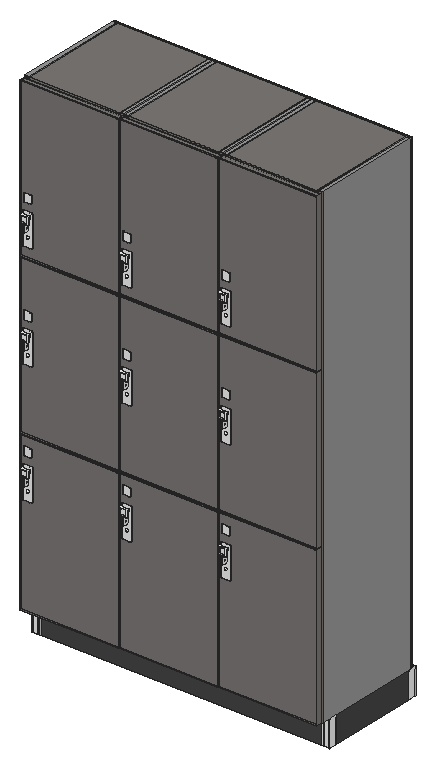
Revit family "Wood_Lockers_Hasps-Salsbury_Industries-15_43000_Series-3_Wide_Units.rfa", category Specialty Equipment, Revit 2016 (continued)
Definition of nested family "Wood Locker Sloping Corner Fillers"
  Automatic sketch dimensions
    plane 5 "Right Side of Hood" to Extrusion 5 sketch curve = 1.83977"
    plane 5 "Right Side of Hood" to Extrusion 5 sketch curve = 0.07981"
    Extrusion 5 sketch curve to Extrusion 5 sketch curve = 0.04881"
    Extrusion 5 sketch curve to Extrusion 5 sketch curve = 0.71763"
    plane 14 "Top" to Extrusion 6 sketch curve = 0.000"
    Extrusion 6 sketch curve to plane 8 = 0.000"
    Extrusion 6 sketch curve to plane 12 "New Left Side" = 0.000"
    plane 5 "Right Side of Hood" to Extrusion 6 sketch curve = 0.07981"
    Extrusion 6 sketch curve to Extrusion 6 sketch curve = 0.07981"
    plane 14 "Top" to Extrusion 6 sketch curve = 0.031"
    Extrusion 7 sketch curve to level = 0.000"
    plane 15 to Extrusion 7 sketch curve = 0.000"
    plane 5 "Right Side of Hood" to Extrusion 7 sketch curve = 0.000"
    Extrusion 7 sketch curve to plane 8 = 0.000"
    Extrusion 8 sketch curve to plane 10 "New Back of Hood" = 0.000"
    Extrusion 8 sketch curve to level = 0.000"
    Extrusion 8 sketch curve to plane 7 "Black Trim Line" = 1.80877"
    plane 14 "Top" to Extrusion 8 sketch curve = 0.74863"
Definition of nested family "Wood Locker Flat Corner Fillers"
  Parameters (values of type "44437 - for 15" D Lockers")
    Width = 16.875"
    Visible = yes
    Version = "1.0 (12/15/23)"
    Type Comments = "Flat Top Corner Filler for Premier Wood Lockers"
    Model = "44437"
    Manufacturer = "Salsbury Industries"
    Laminate Surface = none
    Height = 0.750"
    Description = "For 15\" D Lockers"
    Depth = 16.875"
  Types (6): name | Width | Visible | Version | Type Comments | Model | Manufacturer | Description | Depth
    (no name) | 16.875" | yes | "1.0 (12/15/23)" | "Flat Top Corner Filler for Premier Wood Lockers" | "44437" | "Salsbury Industries" | "For 15\" D Lockers" | 16.875"
    44437 - for 15" D Lockers | 16.875" | yes | "1.0 (12/15/23)" | "Flat Top Corner Filler for Premier Wood Lockers" | "44437" | "Salsbury Industries" | "For 15\" D Lockers" | 16.875"
    None | 15.000" | no | "" | "" | "" | "" | "" | 13.250"
    44438 - for 18" D Lockers | 19.875" | yes | "1.0 (12/15/23)" | "Flat Top Corner Filler for Premier Wood Lockers" | "44438" | "Salsbury Industries" | "For 18\" D Lockers" | 19.875"
    44431 - for 21" D Lockers | 22.875" | yes | "1.0 (12/15/23)" | "Flat Top Corner Filler for Premier Wood Lockers" | "44431" | "Salsbury Industries" | "For 21\" D Lockers" | 22.875"
    44439 - for 24" D Lockers | 25.875" | yes | "1.0 (12/15/23)" | "Flat Top Corner Filler for Premier Wood Lockers" | "44439" | "Salsbury Industries" | "For 24\" D Lockers" | 25.875"
  Reference planes (in)
    plane 1 "Center (Front/Back)": y = 0
    plane 2: z = 0
    plane 3 "Center (Left/Right)": x = 0
    plane 4 "Right Side": x = 8.4375
    plane 5 "Left Side": x = -8.4375
    plane 6 "Front Side": y = -8.4375
    plane 7 "Back Side": y = 8.4375
    plane 8 "Bottom": z = 0
    plane 9 "Top Side": z = 0.75
    plane 10 "Wood - Laminate Line": z = 0.719
    plane 11: x = -5.4375
    plane 12: y = -5.4375
  Forms (in)
    Extrusion 1, solid, visible <- "Visible"
      sketch origin (0, 0, 0) x (0, -1, 0) y (1, 0, 0)
        loop
          line (-8.4375, -8.4375) -> (5.4375, -8.4375) -> (5.4375, -5.4375) -> (8.4375, -5.4375) -> (8.4375, 8.4375) -> (-8.4375, 8.4375) -> (-8.4375, -8.4375)
      from 0 to 0.719
    Extrusion 2, solid, material <- "Laminate Surface", visible <- "Visible"
      sketch origin (0, 0, 0.75) x (1, 0, 0) y (0, 1, 0)
        loop
          line (-8.4375, -5.4375) -> (-5.4375, -5.4375) -> (-5.4375, -8.4375) -> (8.4375, -8.4375) -> (8.4375, 8.4375) -> (-8.4375, 8.4375) -> (-8.4375, -5.4375)
      from -0.031 to 0
  Dimensions and locks (in)
    equal spacing: plane 6 "Front Side", plane 1 "Center (Front/Back)", plane 7 "Back Side"
    equal spacing: plane 5 "Left Side", plane 3 "Center (Left/Right)", plane 4 "Right Side"
    "Width": plane 5 "Left Side" to plane 4 "Right Side"
    "Depth": plane 6 "Front Side" to plane 7 "Back Side"
    "Height": plane 9 "Top Side" to plane 8 "Bottom"
    locked: plane 9 "Top Side" to plane 10 "Wood - Laminate Line" at 0.031
    locked: plane 6 "Front Side" to plane 12 at 3
    locked: plane 5 "Left Side" to plane 11 at 3
    plane 12 to plane 7 "Back Side" = 13.875"
    aligned and locked: level to plane 2
  Automatic sketch dimensions
    Extrusion 2 sketch curve to plane 5 "Left Side" = 0.000"
    plane 6 "Front Side" to Extrusion 2 sketch curve = 0.000"
    Extrusion 2 sketch curve to plane 11 = 0.000"
    Extrusion 2 sketch curve to plane 4 "Right Side" = 0.000"
    Extrusion 2 sketch curve to plane 12 = 0.000"
    plane 7 "Back Side" to Extrusion 2 sketch curve = 0.000"
    Extrusion 1 sketch curve to plane 5 "Left Side" = 0.000"
    plane 7 "Back Side" to Extrusion 1 sketch curve = 0.000"
    Extrusion 1 sketch curve to plane 12 = 0.000"
    Extrusion 1 sketch curve to plane 4 "Right Side" = 0.000"
    plane 6 "Front Side" to Extrusion 1 sketch curve = 0.000"
    Extrusion 1 sketch curve to plane 11 = 0.000"
Definition of nested family "Wood Locker Side Panels-No Slope"
  Parameters (values of type "44237 - 6' H for 24"D Lockers")
    Width = 23.625"
    Visible = yes
    Version = "1.0 (12/15/23)"
    Type Comments = "Side Panel for Premier Wood Lockers without Sloping Hood"
    Model = "44237"
    Manufacturer = "Salsbury Industries"
    Laminate Surface = none
    Height = 72.000"
    Door Trim = none
    Description = "6' H for 21\" D Lockers"
    Depth = 0.750"
  Types (6): name | Width | Visible | Version | Type Comments | Model | Manufacturer | Description
    (no name) | 23.625" | yes | "1.0 (12/15/23)" | "Side Panel for Premier Wood Lockers without Sloping Hood" | "44237" | "Salsbury Industries" | "6' H for 21\" D Lockers"
    44330 - 6' H for 15"D Lockers | 14.625" | yes | "1.0 (12/15/23)" | "Side Panel for Premier Wood Lockers without Sloping Hood" | "44330" | "Salsbury Industries" | "6' H for 15\" D Lockers"
    44333 - 6' H for 18" D Lockers | 17.625" | yes | "1.0 (12/15/23)" | "Side Panel for Premier Wood Lockers withouth Sloping Hood" | "44333" | "Salsbury Industries" | "6' H for 18\" D Lockers"
    44335 - 6' H for 21" D Lockers | 20.625" | yes | "1.0 (12/15/23)" | "Side Panel for Premier Wood Lockers without Sloping Hood" | "44335" | "Salsbury Industries" | "6' H for 21\" D Lockers"
    None | 14.000" | no | "" | "" | "" | "" | ""
    44237 - 6' H for 24"D Lockers | 23.625" | yes | "1.0 (12/15/23)" | "Side Panel for Premier Wood Lockers without Sloping Hood" | "44237" | "Salsbury Industries" | "6' H for 21\" D Lockers"
  Reference planes (in)
    plane 1 "Center (Front/Back)": y = 0
    plane 2: z = 0
    plane 3 "Center (Left/Right)": x = 0
    plane 4 "Back": y = 0.375
    plane 5 "Front": y = -0.375
    plane 6 "Left Side": x = -11.8125
    plane 7 "Right Side": x = 11.8125
    plane 8 "Bottom": z = 0
    plane 9 "Top": z = 72
    plane 10 "Center Elevation": z = 36
    plane 11 "Wood - Laminate Edge": y = -0.344
    plane 12 "Right Side of Wood": x = 11.7815
    plane 13 "Left Side of Wood": x = -11.7815
    plane 14 "Top of Wood": z = 71.969
    plane 15 "Bottom of Wood": z = 0.031
  Forms (in)
    Extrusion 1, solid, visible <- "Visible"
      sketch origin (0, 0.375, 0) x (1, 0, 0) y (0, 0, 1)
        loop
          line (11.7815, 71.969) -> (-11.7815, 71.969) -> (-11.7815, 0.031) -> (11.7815, 0.031) -> (11.7815, 71.969)
      from 0 to 0.719
    Extrusion 2, solid, material <- "Laminate Surface", visible <- "Visible"
      sketch origin (0, -0.375, 0) x (1, 0, 0) y (0, 0, 1)
        loop
          line (-11.8125, 72) -> (-11.8125, 0) -> (11.8125, 0) -> (11.8125, 72) -> (-11.8125, 72)
      from -0.031 to 0
    Extrusion 3, solid, material <- "Laminate Surface", visible <- "Visible"
      sketch origin (0, 0, 0) x (1, 0, 0) y (0, 0, 1)
        loop
          line (-11.8125, 0) -> (11.8125, 0) -> (11.8125, 72) -> (-11.8125, 72) -> (-11.8125, 0)
        loop
          line (-11.7815, 0.031) -> (11.7815, 0.031) -> (11.7815, 71.969) -> (-11.7815, 71.969) -> (-11.7815, 0.031)
      from -0.375 to 0.344
  Dimensions and locks (in)
    equal spacing: plane 6 "Left Side", plane 3 "Center (Left/Right)", plane 7 "Right Side"
    plane 5 "Front" to plane 1 "Center (Front/Back)" to plane 4 "Back" = 0.375", 0.375"
    "Width": plane 6 "Left Side" to plane 7 "Right Side"
    "Depth": plane 5 "Front" to plane 4 "Back"
    equal spacing: plane 9 "Top", plane 10 "Center Elevation", plane 8 "Bottom"
    "Height": plane 9 "Top" to plane 8 "Bottom"
    locked: plane 5 "Front" to plane 11 "Wood - Laminate Edge" at 0.031
    locked: plane 15 "Bottom of Wood" to plane 8 "Bottom" at 0.031
    locked: plane 12 "Right Side of Wood" to plane 7 "Right Side" at 0.031
    locked: plane 6 "Left Side" to plane 13 "Left Side of Wood" at 0.031
    locked: plane 9 "Top" to plane 14 "Top of Wood" at 0.031
    aligned and locked: level to plane 2
    aligned and locked: Extrusion 2 sketch curve to plane 7 "Right Side"
    aligned and locked: plane 8 "Bottom" to Extrusion 2 sketch curve
    aligned and locked: plane 6 "Left Side" to Extrusion 2 sketch curve
    aligned and locked: plane 9 "Top" to Extrusion 2 sketch curve
    aligned and locked: Extrusion 3 to plane 4 "Back"
    aligned and locked: plane 11 "Wood - Laminate Edge" to Extrusion 3
  Automatic sketch dimensions
    plane 13 "Left Side of Wood" to Extrusion 1 sketch curve = 0.000"
    plane 12 "Right Side of Wood" to Extrusion 1 sketch curve = 0.000"
    Extrusion 1 sketch curve to plane 15 "Bottom of Wood" = 0.000"
    Extrusion 1 sketch curve to plane 14 "Top of Wood" = 0.000"
    plane 13 "Left Side of Wood" to Extrusion 3 sketch curve = 0.000"
    Extrusion 3 sketch curve to level = 0.000"
    plane 13 "Left Side of Wood" to Extrusion 3 sketch curve = 0.031"
    plane 12 "Right Side of Wood" to Extrusion 3 sketch curve = 0.000"
    plane 7 "Right Side" to Extrusion 3 sketch curve = 0.000"
    Extrusion 3 sketch curve to plane 15 "Bottom of Wood" = 0.000"
    Extrusion 3 sketch curve to plane 14 "Top of Wood" = 0.000"
    Extrusion 3 sketch curve to plane 9 "Top" = 0.000"
Definition of nested family "Wood Locker Side Panels-With Slope"
  Parameters (values of type "44238 - 6' H for 24" D Lockers")
    Width = 23.625"
    Visible = yes
    Version = "1.0 (12/15/23)"
    Type Comments = "Side Panel for Premier Wood Lockers with Sloping Hood"
    Slope Height = 8.608"
    Model = "44238"
    Manufacturer = "Salsbury Industries"
    Laminate Surface = none
    Height = 72.153"
    Door Trim = none
    Description = "6' H for 24\" D Lockers"
    Depth = 0.750"
  Types (6): name | Width | Visible | Version | Type Comments | Slope Height | Model | Manufacturer | Height | Description
    (no name) | 23.625" | yes | "1.0 (12/15/23)" | "Side Panel for Premier Wood Lockers with Sloping Hood" | 8.608" | "44238" | "Salsbury Industries" | 72.153" | "6' H for 24\" D Lockers"
    44334 - 6' H  for 18" D Lockers | 17.625" | yes | "1.0 (12/15/23)" | "Side Panel for Premier Wood Lockers with Sloping Hood" | 6.806" | "44334" | "Salsbury Industries" | 72.062" | "6' H for 18\" D Lockers"
    44336 - 6' H for 21" D Lockers | 20.625" | yes | "1.0 (12/15/23)" | "Side Panel for Premier Wood Lockers with Sloping Hood" | 7.931" | "44336" | "Salsbury Industries" | 72.062" | "6' H for 21\" D Lockers"
    None | 14.625" | no | "" | "" | 5.681" | "" | "" | 72.062" | ""
    44339 - 6' H for 15" D Lockers | 14.625" | yes | "1.0 (12/15/23)" | "Side Panel for Premier Wood Lockers with Sloping Hood" | 5.681" | "44339" | "Salsbury Industries" | 72.062" | "6' H for 15\" D Lockers"
    44238 - 6' H for 24" D Lockers | 23.625" | yes | "1.0 (12/15/23)" | "Side Panel for Premier Wood Lockers with Sloping Hood" | 8.608" | "44238" | "Salsbury Industries" | 72.153" | "6' H for 24\" D Lockers"
  Reference planes (in)
    plane 1 "Center (Front/Back)": y = 0
    plane 2: z = 0
    plane 3 "Center (Left/Right)": x = 0
    plane 4 "Back": y = 0.375
    plane 5 "Front": y = -0.375
    plane 6 "Left Side": x = -11.8125
    plane 7 "Right Side": x = 11.8125
    plane 8 "Bottom": z = 0
    plane 9 "Top": z = 72.153
    plane 10 "Center Elevation": z = 36.0765
    plane 11 "Wood - Laminate Edge": y = -0.344
    plane 12 "Right Side of Wood": x = 11.7815
    plane 13 "Left Side of Wood": x = -11.7815
    plane 14 "Top of Wood": z = 72.028
    plane 15 "Bottom of Wood": z = 0.031
    plane 16: z = 80.761
    plane 17: z = 80.636
  Forms (in)
    Extrusion 1, solid, visible <- "Visible"
      sketch origin (0, 0.375, 0) x (1, 0, 0) y (0, 0, 1)
        loop
          line (-11.8125, 80.73) -> (-11.8125, 0) -> (11.7815, 0) -> (11.7815, 72.13387) -> (-11.8125, 80.73)
      from 0 to 0.719
    Extrusion 2, solid, material <- "Laminate Surface", visible <- "Visible"
      sketch origin (0, -0.375, 0) x (1, 0, 0) y (0, 0, 1)
        loop
          line (-11.8125, 0) -> (11.8125, 0) -> (11.8125, 72.153) -> (-11.8125, 80.761) -> (-11.8125, 0)
      from -0.031 to 0
    Extrusion 3, solid, material <- "Laminate Surface", visible <- "Visible"
      sketch origin (0, -0.375, 0) x (1, 0, 0) y (0, 0, 1)
        loop
          line (11.8125, 0) -> (11.8125, 72.153) -> (-11.8125, 80.761) -> (-11.8125, 80.73) -> (11.7815, 72.13387) -> (11.7815, 0) -> (11.8125, 0)
      from -0.031 to -0.75
  Dimensions and locks (in)
    equal spacing: plane 6 "Left Side", plane 3 "Center (Left/Right)", plane 7 "Right Side"
    plane 5 "Front" to plane 1 "Center (Front/Back)" to plane 4 "Back" = 0.375", 0.375"
    "Width": plane 6 "Left Side" to plane 7 "Right Side"
    "Depth": plane 5 "Front" to plane 4 "Back"
    equal spacing: plane 9 "Top", plane 10 "Center Elevation", plane 8 "Bottom"
    "Height": plane 9 "Top" to plane 8 "Bottom"
    locked: plane 5 "Front" to plane 11 "Wood - Laminate Edge" at 0.031
    locked: plane 15 "Bottom of Wood" to plane 8 "Bottom" at 0.031
    locked: plane 12 "Right Side of Wood" to plane 7 "Right Side" at 0.031
    locked: plane 6 "Left Side" to plane 13 "Left Side of Wood" at 0.031
    locked: plane 9 "Top" to plane 14 "Top of Wood" at 0.125
    "Slope Height": plane 16 to plane 9 "Top"
    locked: plane 16 to plane 17 at 0.125
    aligned and locked: level to plane 2
    aligned and locked: Extrusion 3 to plane 4 "Back"
    aligned and locked: plane 11 "Wood - Laminate Edge" to Extrusion 3
  Automatic sketch dimensions
    plane 6 "Left Side" to Extrusion 2 sketch curve = 0.000"
    plane 7 "Right Side" to Extrusion 2 sketch curve = 0.000"
    Extrusion 2 sketch curve to level = 0.000"
    Extrusion 2 sketch curve to plane 9 "Top" = 0.000"
    Extrusion 2 sketch curve to plane 16 = 0.000"
    Extrusion 1 sketch curve to level = 0.000"
    plane 6 "Left Side" to Extrusion 1 sketch curve = 0.000"
    plane 12 "Right Side of Wood" to Extrusion 1 sketch curve = 0.000"
    plane 9 "Top" to Extrusion 1 sketch curve = 0.01913"
    plane 6 "Left Side" to Extrusion 3 sketch curve = 0.000"
    plane 12 "Right Side of Wood" to Extrusion 3 sketch curve = 0.000"
    plane 7 "Right Side" to Extrusion 3 sketch curve = 0.000"
    Extrusion 3 sketch curve to level = 0.000"
    Extrusion 3 sketch curve to plane 9 "Top" = 0.000"
    Extrusion 3 sketch curve to plane 16 = 0.000"
    plane 9 "Top" to Extrusion 3 sketch curve = 0.01913"
    plane 16 to Extrusion 3 sketch curve = 0.031"
    plane 16 to Extrusion 1 sketch curve = 0.031"
Definition of nested family "Wood Locker Double Side Panels-No Slope"
  Parameters (values of type "44237DE - 6' H for 24"D Lockers")
    Width = 47.250"
    Visible = yes
    Version = "1.0 (12/15/23)"
    Type Comments = "Double End Panel for Premier Wood Lockers"
    Model = "44237DE"
    Manufacturer = "Salsbury Industries"
    Laminate Surface = none
    Height = 72.000"
    Door Trim = none
    Description = "For 6' H x 21\" D without Sloping Hood"
    Depth = 0.750"
  Types (6): name | Width | Visible | Version | Type Comments | Model | Manufacturer | Description
    (no name) | 47.250" | yes | "1.0 (12/15/23)" | "Double End Panel for Premier Wood Lockers" | "44237DE" | "Salsbury Industries" | "For 6' H x 21\" D without Sloping Hood"
    44330DE - 6' H for 15"D Lockers | 29.250" | yes | "1.0 (12/15/23)" | "Double End Panel for Premier Wood Lockers" | "44330DE" | "Salsbury Industries" | "For 6' H x 15\" D without Sloping Hood"
    44333DE - 6' H for 18" D Lockers | 35.250" | yes | "1.0 (12/15/23)" | "Double End Panel for Premier Wood Lockers" | "44333DE" | "Salsbury Industries" | "For 6' H x 18\" D without Sloping Hood"
    44335DE - 6' H for 21" D Lockers | 41.250" | yes | "1.0 (12/15/23)" | "Double End Panel for Premier Wood Lockers" | "44335DE" | "Salsbury Industries" | "For 6' H x 21\" D without Sloping Hood"
    None | 14.000" | no | "" | "" | "" | "" | ""
    44237DE - 6' H for 24"D Lockers | 47.250" | yes | "1.0 (12/15/23)" | "Double End Panel for Premier Wood Lockers" | "44237DE" | "Salsbury Industries" | "For 6' H x 21\" D without Sloping Hood"
  Reference planes (in)
    plane 1 "Center (Front/Back)": y = 0
    plane 2: z = 0
    plane 3 "Center (Left/Right)": x = 0
    plane 4 "Back": y = 0.375
    plane 5 "Front": y = -0.375
    plane 6 "Left Side": x = -23.625
    plane 7 "Right Side": x = 23.625
    plane 8 "Bottom": z = 0
    plane 9 "Top": z = 72
    plane 10 "Center Elevation": z = 36
    plane 11 "Wood - Laminate Edge": y = -0.344
    plane 12 "Right Side of Wood": x = 23.594
    plane 13 "Left Side of Wood": x = -23.594
    plane 14 "Top of Wood": z = 71.969
    plane 15 "Bottom of Wood": z = 0.031
  Forms (in)
    Extrusion 1, solid, visible <- "Visible"
      sketch origin (0, 0.375, 0) x (1, 0, 0) y (0, 0, 1)
        loop
          line (23.594, 71.969) -> (-23.594, 71.969) -> (-23.594, 0.031) -> (23.594, 0.031) -> (23.594, 71.969)
      from 0 to 0.719
    Extrusion 2, solid, material <- "Laminate Surface", visible <- "Visible"
      sketch origin (0, -0.375, 0) x (1, 0, 0) y (0, 0, 1)
        loop
          line (-23.625, 72) -> (-23.625, 0) -> (23.625, 0) -> (23.625, 72) -> (-23.625, 72)
      from -0.031 to 0
    Extrusion 3, solid, material <- "Laminate Surface", visible <- "Visible"
      sketch origin (0, 0, 0) x (1, 0, 0) y (0, 0, 1)
        loop
          line (-23.625, 0) -> (23.625, 0) -> (23.625, 72) -> (-23.625, 72) -> (-23.625, 0)
        loop
          line (23.594, 71.969) -> (-23.594, 71.969) -> (-23.594, 0.031) -> (23.594, 0.031) -> (23.594, 71.969)
      from -0.375 to 0.344
  Dimensions and locks (in)
    equal spacing: plane 6 "Left Side", plane 3 "Center (Left/Right)", plane 7 "Right Side"
    plane 5 "Front" to plane 1 "Center (Front/Back)" to plane 4 "Back" = 0.375", 0.375"
    "Width": plane 6 "Left Side" to plane 7 "Right Side"
    "Depth": plane 5 "Front" to plane 4 "Back"
    equal spacing: plane 9 "Top", plane 10 "Center Elevation", plane 8 "Bottom"
    "Height": plane 9 "Top" to plane 8 "Bottom"
    locked: plane 5 "Front" to plane 11 "Wood - Laminate Edge" at 0.031
    locked: plane 15 "Bottom of Wood" to plane 8 "Bottom" at 0.031
    plane 12 "Right Side of Wood" to plane 7 "Right Side" = 0.031"
    locked: plane 6 "Left Side" to plane 13 "Left Side of Wood" at 0.031
    locked: plane 9 "Top" to plane 14 "Top of Wood" at 0.031
    aligned and locked: level to plane 2
    aligned and locked: Extrusion 2 sketch curve to plane 8 "Bottom"
    aligned and locked: plane 6 "Left Side" to Extrusion 2 sketch curve
    aligned and locked: Extrusion 2 sketch curve to plane 7 "Right Side"
    aligned and locked: Extrusion 2 sketch curve to plane 9 "Top"
    aligned and locked: Extrusion 3 to plane 4 "Back"
    aligned and locked: plane 11 "Wood - Laminate Edge" to Extrusion 3
  Automatic sketch dimensions
    plane 13 "Left Side of Wood" to Extrusion 1 sketch curve = 0.000"
    plane 12 "Right Side of Wood" to Extrusion 1 sketch curve = 0.000"
    Extrusion 1 sketch curve to plane 15 "Bottom of Wood" = 0.000"
    Extrusion 1 sketch curve to plane 14 "Top of Wood" = 0.000"
    Extrusion 3 sketch curve to level = 0.000"
    plane 6 "Left Side" to Extrusion 3 sketch curve = 0.000"
    plane 7 "Right Side" to Extrusion 3 sketch curve = 0.000"
    Extrusion 3 sketch curve to plane 9 "Top" = 0.000"
    plane 13 "Left Side of Wood" to Extrusion 3 sketch curve = 0.000"
    Extrusion 3 sketch curve to plane 15 "Bottom of Wood" = 0.000"
    Extrusion 3 sketch curve to plane 14 "Top of Wood" = 0.000"
    plane 12 "Right Side of Wood" to Extrusion 3 sketch curve = 0.000"
Definition of nested family "Wood Locker Double Side Panels-With Slope"
  Parameters (values of type "44238DE - 6' H for 24"D Lockers")
    Width = 47.250"
    Visible = yes
    Version = "1.0 (12/15/23)"
    Type Comments = "Double End Panel for Premier Wood Lockers"
    Slope Height = 8.895"
    Model = "442386DE"
    Manufacturer = "Salsbury Industries"
    Laminate Surface = none
    Height = 72.153"
    Door Trim = none
    Description = "For 6' H x 21\" D Lockers with Sloping Hood"
    Depth = 0.750"
  Types (6): name | Width | Visible | Version | Type Comments | Slope Height | Model | Manufacturer | Height | Description
    (no name) | 47.250" | yes | "1.0 (12/15/23)" | "Double End Panel for Premier Wood Lockers" | 8.895" | "442386DE" | "Salsbury Industries" | 72.153" | "For 6' H x 21\" D Lockers with Sloping Hood"
    44339DE - 6' H for 15"D Lockers | 29.250" | yes | "1.0 (12/15/23)" | "Double End Panel for Premier Wood Lockers" | 5.681" | "44339DE" | "Salsbury Industries" | 72.062" | "For 6' H x 15\" D Lockers with Sloping Hood"
    44334DE - 6' H  for 18" D Lockers | 35.250" | yes | "1.0 (12/15/23)" | "Double End Panel for Premier Wood Lockers" | 6.806" | "44334DE" | "Salsbury Industries" | 72.062" | "For 6' H x 18\" D Lockers with Sloping Hood"
    44336DE - 6' H for 21" D Lockers | 41.250" | yes | "1.0 (12/15/23)" | "Double End Panel for Premier Wood Lockers" | 7.931" | "44336DE" | "Salsbury Industries" | 72.062" | "For 6' H x 21\" D Lockers with Sloping Hood"
    None | 14.000" | no | "" | "" | 5.500" | "" | "" | 72.000" | ""
    44238DE - 6' H for 24"D Lockers | 47.250" | yes | "1.0 (12/15/23)" | "Double End Panel for Premier Wood Lockers" | 8.895" | "442386DE" | "Salsbury Industries" | 72.153" | "For 6' H x 21\" D Lockers with Sloping Hood"
  Reference planes (in)
    plane 1 "Center (Front/Back)": y = 0
    plane 2: z = 0
    plane 3 "Center (Left/Right)": x = 0
    plane 4 "Back": y = 0.375
    plane 5 "Front": y = -0.375
    plane 6 "Left Side": x = -23.625
    plane 7 "Right Side": x = 23.625
    plane 8 "Bottom": z = 0
    plane 9 "Top": z = 72.153
    plane 10 "Center Elevation": z = 36.0765
    plane 11 "Wood - Laminate Edge": y = -0.344
    plane 12 "Right Side of Wood": x = 23.594
    plane 13 "Left Side of Wood": x = -23.594
    plane 14 "Top of Wood": z = 72.028
    plane 15 "Bottom of Wood": z = 0.125
    plane 16: z = 81.048
    plane 17: z = 81.017
  Forms (in)
    Extrusion 1, solid, visible <- "Visible"
      sketch origin (0, 0.375, 0) x (1, 0, 0) y (0, 0, 1)
        loop
          line (23.594, 72.122) -> (0, 81.017) -> (-23.594, 72.122) -> (-23.594, 0) -> (23.594, 0) -> (23.594, 72.122)
      from 0 to 0.719
    Extrusion 2, solid, material <- "Laminate Surface", visible <- "Visible"
      sketch origin (0, -0.375, 0) x (1, 0, 0) y (0, 0, 1)
        loop
          line (23.625, 0) -> (23.625, 72.153) -> (0, 81.048) -> (-23.625, 72.153) -> (-23.625, 0) -> (23.625, 0)
      from -0.031 to 0
    Extrusion 3, solid, material <- "Laminate Surface", visible <- "Visible"
      sketch origin (0, 0.375, 0) x (1, 0, 0) y (0, 0, 1)
        loop
          line (23.625, 0) -> (23.625, 72.153) -> (0, 81.048) -> (-23.625, 72.153) -> (-23.625, 0) -> (-23.594, 0) -> (-23.594, 72.122) -> (0, 81.017) -> (23.594, 72.122) -> (23.594, 0) -> (23.625, 0)
      from 0 to 0.719
  Dimensions and locks (in)
    equal spacing: plane 6 "Left Side", plane 3 "Center (Left/Right)", plane 7 "Right Side"
    plane 5 "Front" to plane 1 "Center (Front/Back)" to plane 4 "Back" = 0.375", 0.375"
    "Width": plane 6 "Left Side" to plane 7 "Right Side"
    "Depth": plane 5 "Front" to plane 4 "Back"
    equal spacing: plane 9 "Top", plane 10 "Center Elevation", plane 8 "Bottom"
    "Height": plane 9 "Top" to plane 8 "Bottom"
    locked: plane 5 "Front" to plane 11 "Wood - Laminate Edge" at 0.031
    locked: plane 15 "Bottom of Wood" to plane 8 "Bottom" at 0.125
    locked: plane 12 "Right Side of Wood" to plane 7 "Right Side" at 0.031
    locked: plane 6 "Left Side" to plane 13 "Left Side of Wood" at 0.031
    locked: plane 9 "Top" to plane 14 "Top of Wood" at 0.125
    "Slope Height": plane 16 to plane 9 "Top"
    locked: plane 16 to plane 17 at 0.031
    aligned and locked: level to plane 2
    aligned and locked: Extrusion 3 to plane 4 "Back"
    aligned and locked: plane 11 "Wood - Laminate Edge" to Extrusion 3
  Automatic sketch dimensions
    plane 6 "Left Side" to Extrusion 2 sketch curve = 0.000"
    Extrusion 2 sketch curve to plane 3 "Center (Left/Right)" = 0.000"
    plane 7 "Right Side" to Extrusion 2 sketch curve = 0.000"
    Extrusion 2 sketch curve to level = 0.000"
    Extrusion 2 sketch curve to plane 9 "Top" = 0.000"  (x2)
    Extrusion 2 sketch curve to plane 16 = 0.000"
    Extrusion 1 sketch curve to level = 0.000"
    plane 13 "Left Side of Wood" to Extrusion 1 sketch curve = 0.000"
    Extrusion 1 sketch curve to plane 3 "Center (Left/Right)" = 0.000"
    plane 12 "Right Side of Wood" to Extrusion 1 sketch curve = 0.000"
    Extrusion 1 sketch curve to plane 17 = 0.000"
    plane 9 "Top" to Extrusion 1 sketch curve = 0.031"  (x2)
    Extrusion 3 sketch curve to level = 0.000"  (x2)
    plane 6 "Left Side" to Extrusion 3 sketch curve = 0.000"
    plane 13 "Left Side of Wood" to Extrusion 3 sketch curve = 0.000"
    Extrusion 3 sketch curve to plane 3 "Center (Left/Right)" = 0.000"  (x2)
    plane 12 "Right Side of Wood" to Extrusion 3 sketch curve = 0.000"
    plane 7 "Right Side" to Extrusion 3 sketch curve = 0.000"
    Extrusion 3 sketch curve to plane 9 "Top" = 0.000"  (x2)
    plane 9 "Top" to Extrusion 3 sketch curve = 0.031"  (x2)
    Extrusion 3 sketch curve to plane 17 = 0.000"
    Extrusion 3 sketch curve to plane 16 = 0.000"
Definition of nested family "Wood Locker Front Fillers"
  Parameters (values of type "44469 - 9" W for 6' H Lockers without Base")
    Width = 9.000"
    Visible Base = no
    Visible = yes
    Version = "1.0 (1/31/24)"
    Type Comments = "Front Vertical Filler for Premier Wood Lockers"
    Model = "44469"
    Manufacturer = "Salsbury Industries"
    Laminate Surface = none
    Height = 72.000"
    Description = "For 6' H Lockers"
    Depth = 0.750"
    Base Height = 0.000"
  Types (6): name | Width | Visible Base | Visible | Version | Type Comments | Model | Manufacturer | Description | Base Height
    (no name) | 9.000" | no | yes | "1.0 (1/31/24)" | "Front Vertical Filler for Premier Wood Lockers" | "44469" | "Salsbury Industries" | "For 6' H Lockers" | 0.000"
    44467 - 15"W for 6' H Lockers with Base | 15.000" | yes | yes | "1.0 (01/31/24)" | "Front Vertical Filler for Premier Wood Lockers" | "444367" | "Salsbury Industries" | "For 6' H Lockers" | 4.000"
    None | 15.000" | no | no | "" | "" | "" | "" | "" | 4.000"
    44469 - 9" W for 6' H Lockers with Base | 9.000" | yes | yes | "1.0 (01/31/24)" | "Front Vertical Filler for Premier Wood Lockers" | "44469" | "Salsbury Industries" | "For 6' H Lockers" | 4.000"
    44467 - 15" W for 6'H Lockers without Base | 15.000" | no | yes | "1.0 (01/31/24)" | "Front Vertical Filler for Premier Wood Lockers" | "44467" | "Salsbury Industries" | "For 6' H Lockers" | 0.000"
    44469 - 9" W for 6' H Lockers without Base | 9.000" | no | yes | "1.0 (1/31/24)" | "Front Vertical Filler for Premier Wood Lockers" | "44469" | "Salsbury Industries" | "For 6' H Lockers" | 0.000"
  Reference planes (in)
    plane 1 "Center (Front/Back)": y = 0
    plane 2: z = 0
    plane 3 "Center (Left/Right)": x = 0
    plane 4 "Back": y = 0.375
    plane 5 "Front": y = -0.375
    plane 6 "Left Side": x = -4.5
    plane 7 "Right Side": x = 4.5
    plane 8 "Bottom": z = 0
    plane 9 "Top": z = 72
    plane 10 "Center Elevation": z = 36
    plane 11 "Wood - Laminate Edge": y = -0.344
    plane 12 "Right Side of Wood": x = 4.375
    plane 13 "Left Side of Wood": x = -4.375
    plane 14 "Top of Wood": z = 71.875
    plane 15 "Bottom of Wood": z = 0.125
    plane 16 "Front of Base Filler": y = 1
  Forms (in)
    Extrusion 1, solid, visible <- "Visible"
      sketch origin (0, 0.375, 0) x (1, 0, 0) y (0, 0, 1)
        loop
          line (4.5, 72) -> (-4.5, 72) -> (-4.5, 0) -> (4.5, 0) -> (4.5, 72)
      from 0 to 0.719
    Extrusion 2, solid, material <- "Laminate Surface", visible <- "Visible"
      sketch origin (0, -0.375, 0) x (1, 0, 0) y (0, 0, 1)
        loop
          line (-4.5, 72) -> (-4.5, 0) -> (4.5, 0) -> (4.5, 72) -> (-4.5, 72)
      from -0.031 to 0
    Extrusion 3, solid, visible <- "Visible Base"
      sketch origin (0, 0, 0) x (1, 0, 0) y (0, 1, 0)
        loop
          line (-4.5, 1.75) -> (-4.5, 0.375) -> (4.5, 0.375) -> (4.5, 1.75) -> (-4.5, 1.75)
      from 0 to 0.75
    Extrusion 4, solid, visible <- "Visible Base"
      sketch origin (0, 0, 0) x (1, 0, 0) y (0, 1, 0)
        loop
          line (-4.5, 1.75) -> (-4.5, 1) -> (4.5, 1) -> (4.5, 1.75) -> (-4.5, 1.75)
      from 0 to -4
  Dimensions and locks (in)
    equal spacing: plane 6 "Left Side", plane 3 "Center (Left/Right)", plane 7 "Right Side"
    plane 5 "Front" to plane 1 "Center (Front/Back)" to plane 4 "Back" = 0.375", 0.375"
    "Width": plane 6 "Left Side" to plane 7 "Right Side"
    "Depth": plane 5 "Front" to plane 4 "Back"
    equal spacing: plane 9 "Top", plane 10 "Center Elevation", plane 8 "Bottom"
    locked: plane 5 "Front" to plane 11 "Wood - Laminate Edge" at 0.031
    locked: plane 15 "Bottom of Wood" to plane 8 "Bottom" at 0.125
    locked: plane 12 "Right Side of Wood" to plane 7 "Right Side" at 0.125
    locked: plane 6 "Left Side" to plane 13 "Left Side of Wood" at 0.125
    locked: plane 9 "Top" to plane 14 "Top of Wood" at 0.125
    locked: plane 5 "Front" to plane 16 "Front of Base Filler" at 1.375
    "Base Height": plane 8 "Bottom" to plane 2
    "Height": plane 9 "Top" to plane 8 "Bottom"
    aligned and locked: level to plane 2
    aligned and locked: plane 8 "Bottom" to Extrusion 1
  Automatic sketch dimensions
    plane 6 "Left Side" to Extrusion 1 sketch curve = 0.000"
    plane 7 "Right Side" to Extrusion 1 sketch curve = 0.000"
    level to Extrusion 1 sketch curve = 0.000"
    Extrusion 1 sketch curve to plane 9 "Top" = 0.000"
    plane 6 "Left Side" to Extrusion 2 sketch curve = 0.000"
    plane 7 "Right Side" to Extrusion 2 sketch curve = 0.000"
    plane 15 "Bottom of Wood" to Extrusion 2 sketch curve = 0.125"
    Extrusion 2 sketch curve to plane 9 "Top" = 0.000"
    plane 4 "Back" to Extrusion 3 sketch curve = 0.000"
    Extrusion 3 sketch curve to plane 6 "Left Side" = 0.000"
    Extrusion 3 sketch curve to plane 7 "Right Side" = 0.000"
    Extrusion 3 sketch curve to plane 16 "Front of Base Filler" = 0.750"
    Extrusion 4 sketch curve to plane 6 "Left Side" = 0.000"
    Extrusion 4 sketch curve to plane 7 "Right Side" = 0.000"
    plane 16 "Front of Base Filler" to Extrusion 4 sketch curve = 0.000"
    Extrusion 4 sketch curve to plane 16 "Front of Base Filler" = 0.750"
Definition of nested family "Wood Locker Front Corner Filler"
  Parameters (values of type "44464 - for 6' H Lockers with Base")
    Width = 2.250"
    Visible Base = yes
    Visible = yes
    Version = "1.0 (12/15/23)"
    Type Comments = "Front Vertical Corner Filler for Designer Wood Lockers"
    Primary Structure Materials = none
    Model = "44464"
    Manufacturer = "Salsbury Industries"
    Laminate Surface = none
    Height = 72.000"
    Description = "For 6' H Lockers"
    Depth = 0.750"
    Base Primary Materials = none
    Base Height = 4.000"
  Types (3): name | Visible Base | Visible | Version | Type Comments | Model | Manufacturer | Description | Base Height
    None | no | no | "" | "" | "" | "" | "" | 4.000"
    44464 - for 6'H Lockers without Base | no | yes | "1.0 (12/15/23)" | "Front Vertical Corner Filler for Designer Wood Lockers" | "44464" | "Salsbury Industries" | "For 6' H Lockers" | 0.000"
    44464 - for 6' H Lockers with Base | yes | yes | "1.0 (12/15/23)" | "Front Vertical Corner Filler for Designer Wood Lockers" | "44464" | "Salsbury Industries" | "For 6' H Lockers" | 4.000"
  Reference planes (in)
    plane 1 "Center (Front/Back)": y = 0
    plane 2 "Bottom of Base": z = 0
    plane 3 "Center (Left/Right)": x = 0
    plane 4 "Back": y = 0.375
    plane 5 "Front": y = -0.375
    plane 6 "Left Side": x = -1.125
    plane 7 "Right Side": x = 1.125
    plane 8 "Bottom": z = 4
    plane 9 "Top": z = 76
    plane 10 "Center Elevation": z = 40
    plane 11 "Wood - Laminate Edge": y = -0.344
    plane 12 "Right Side of Wood": x = 1
    plane 13 "Left Side of Wood": x = -1
    plane 14 "Top of Wood": z = 75.875
    plane 15 "Bottom of Wood": z = 4.125
    plane 16 "Front of Base Filler": y = 1
  Forms (in)
    Extrusion 1, solid, material <- "Primary Structure Materials", visible <- "Visible"
      sketch origin (0, 0.375, 0) x (1, 0, 0) y (0, 0, 1)
        loop
          line (1.125, 76) -> (-1.156, 76) -> (-1.156, 4) -> (1.125, 4) -> (1.125, 76)
      from 0 to 0.719
    Extrusion 2, solid, material <- "Laminate Surface", visible <- "Visible"
      sketch origin (0, -0.375, 0) x (1, 0, 0) y (0, 0, 1)
        loop
          line (-1.125, 76) -> (-1.125, 4) -> (1.125, 4) -> (1.125, 76) -> (-1.125, 76)
      from -0.031 to 0
    Extrusion 3, solid, material <- "Primary Structure Materials", visible <- "Visible"
      sketch origin (-1.875, -1.5, 0) x (0, 1, 0) y (0, 0, 1)
        loop
          line (1.875, 76) -> (-1.125, 76) -> (-1.125, 4) -> (1.875, 4) -> (1.875, 76)
      from 0 to 0.719
    Extrusion 4, solid, material <- "Laminate Surface", visible <- "Visible"
      sketch origin (-1.125, -1.5, 0) x (0, 1, 0) y (0, 0, 1)
        loop
          line (-1.125, 76) -> (-1.125, 4) -> (1.156, 4) -> (1.156, 76) -> (-1.125, 76)
      from -0.031 to 0
    Extrusion 5, solid, material <- "Base Primary Materials", visible <- "Visible Base"
      sketch origin (0, 0, 0) x (1, 0, 0) y (0, 1, 0)
        loop
          line (-3.25, 1.75) -> (-3.25, -2.625) -> (-1.875, -2.625) -> (-1.875, 1.75) -> (-3.25, 1.75)
      from 4 to 4.75
    Extrusion 6, solid, material <- "Base Primary Materials", visible <- "Visible Base"
      sketch origin (0, 0, 0) x (1, 0, 0) y (0, 1, 0)
        loop
          line (-1.875, 1.75) -> (-1.875, 0.375) -> (1.125, 0.375) -> (1.125, 1.75) -> (-1.875, 1.75)
      from 4 to 4.75
    Extrusion 7, solid, material <- "Base Primary Materials", visible <- "Visible Base"
      sketch origin (0, 0, 0) x (1, 0, 0) y (0, 1, 0)
        loop
          line (1.125, 1.75) -> (-2.43407, 1.75) -> (-2.43407, 1) -> (1.125, 1) -> (1.125, 1.75)
      from 0 to 4
    Extrusion 8, solid, material <- "Base Primary Materials", visible <- "Visible Base"
      sketch origin (0, 0, 0) x (1, 0, 0) y (0, 1, 0)
        loop
          line (-3.25, 1.75) -> (-3.25, -2.625) -> (-2.43407, -2.625) -> (-2.43407, 1.75) -> (-3.25, 1.75)
      from 0 to 4
  Dimensions and locks (in)
    equal spacing: plane 6 "Left Side", plane 3 "Center (Left/Right)", plane 7 "Right Side"
    plane 5 "Front" to plane 1 "Center (Front/Back)" to plane 4 "Back" = 0.375", 0.375"
    "Width": plane 6 "Left Side" to plane 7 "Right Side"
    "Depth": plane 5 "Front" to plane 4 "Back"
    equal spacing: plane 9 "Top", plane 10 "Center Elevation", plane 8 "Bottom"
    "Height": plane 9 "Top" to plane 8 "Bottom"
    locked: plane 5 "Front" to plane 11 "Wood - Laminate Edge" at 0.031
    locked: plane 15 "Bottom of Wood" to plane 8 "Bottom" at 0.125
    locked: plane 12 "Right Side of Wood" to plane 7 "Right Side" at 0.125
    locked: plane 6 "Left Side" to plane 13 "Left Side of Wood" at 0.125
    locked: plane 9 "Top" to plane 14 "Top of Wood" at 0.125
    locked: plane 5 "Front" to plane 16 "Front of Base Filler" at 1.375
    "Base Height": plane 8 "Bottom" to plane 2 "Bottom of Base"
    aligned and locked: level to plane 2 "Bottom of Base"
    aligned and locked: plane 8 "Bottom" to Extrusion 1
    aligned and locked: Extrusion 7 to Extrusion 5
    aligned and locked: Extrusion 8 to Extrusion 5
    aligned and locked: Extrusion 7 to Extrusion 8
  Automatic sketch dimensions
    Extrusion 1 sketch curve to plane 9 "Top" = 0.000"
    Extrusion 1 sketch curve to plane 8 "Bottom" = 0.000"
    plane 7 "Right Side" to Extrusion 1 sketch curve = 0.000"
    plane 6 "Left Side" to Extrusion 1 sketch curve = 0.031"
    plane 6 "Left Side" to Extrusion 2 sketch curve = 0.000"
    plane 7 "Right Side" to Extrusion 2 sketch curve = 0.000"
    Extrusion 2 sketch curve to plane 8 "Bottom" = 0.000"
    Extrusion 2 sketch curve to plane 9 "Top" = 0.000"
    plane 9 "Top" to Extrusion 3 sketch curve = 0.000"
    plane 8 "Bottom" to Extrusion 3 sketch curve = 0.000"
    Extrusion 3 sketch curve to plane 4 "Back" = 0.000"
    plane 5 "Front" to Extrusion 3 sketch curve = 2.250"
    plane 8 "Bottom" to Extrusion 4 sketch curve = 0.000"
    plane 9 "Top" to Extrusion 4 sketch curve = 0.000"
    Extrusion 4 sketch curve to plane 11 "Wood - Laminate Edge" = 0.000"
    plane 5 "Front" to Extrusion 4 sketch curve = 2.250"
    plane 6 "Left Side" to Extrusion 5 sketch curve = 2.125"
    plane 6 "Left Side" to Extrusion 5 sketch curve = 0.750"
    plane 5 "Front" to Extrusion 5 sketch curve = 2.250"
    Extrusion 5 sketch curve to plane 16 "Front of Base Filler" = 0.750"
    plane 16 "Front of Base Filler" to Extrusion 7 sketch curve = 0.000"
    Extrusion 7 sketch curve to plane 7 "Right Side" = 0.000"
    plane 6 "Left Side" to Extrusion 7 sketch curve = 1.30907"
    Extrusion 7 sketch curve to plane 16 "Front of Base Filler" = 0.750"
    plane 6 "Left Side" to Extrusion 8 sketch curve = 2.125"
    Extrusion 8 sketch curve to Extrusion 8 sketch curve = 0.81593"
    plane 5 "Front" to Extrusion 8 sketch curve = 2.250"
    Extrusion 8 sketch curve to plane 16 "Front of Base Filler" = 0.750"
    plane 4 "Back" to Extrusion 6 sketch curve = 0.000"
    Extrusion 6 sketch curve to plane 7 "Right Side" = 0.000"
    plane 6 "Left Side" to Extrusion 6 sketch curve = 0.750"
    Extrusion 6 sketch curve to plane 16 "Front of Base Filler" = 0.750"
Definition of nested family "Wood Locker Sloping In-Line Fillers"
  Parameters (values of type "44489 - 15" W for 24" D Lockers")
    Width = 15.000"
    Visible = yes
    Version = "1.0 (12/15/23)"
    Type Comments = "Sloping Hood In-Line Filler for Premier Wood Lockers"
    Model = "44489"
    Manufacturer = "Salsbury Industries"
    Laminate Surface = none
    Height = 9.118"
    Description = "For 24\" D Lockers"
    Depth = 23.625"
  Types (10): name | Width | Visible | Version | Type Comments | Model | Manufacturer | Height | Description | Depth
    (no name) | 15.000" | yes | "1.0 (12/15/23)" | "Sloping Hood In-Line Filler for Premier Wood Lockers" | "44489" | "Salsbury Industries" | 9.118" | "For 24\" D Lockers" | 23.625"
    44487 - 15" W for 15" D Lockers | 15.000" | yes | "1.0 (12/15/23)" | "Sloping Hood In-Line Filler for Premier Wood Lockers" | "44487" | "Salsbury Industries" | 5.743" | "For 15\" D Lockers" | 14.625"
    44488 - 15" W for 18" D Lockers | 15.000" | yes | "1.0 (12/15/23)" | "Sloping Hood In-Line Filler for Premier Wood Lockers" | "44488" | "Salsbury Industries" | 6.868" | "For 18\" D Lockers" | 17.625"
    44481 - 15" W for 21" D Lockers | 15.000" | yes | "1.0 (12/15/23)" | "Sloping Hood In-Line Filler for Premier Wood Lockers" | "44481" | "Salsbury Industries" | 7.993" | "For 21\" D Lockers" | 20.625"
    None | 12.000" | no | "" | "" | "" | "" | 5.500" | "" | 14.000"
    44489 - 15" W for 24" D Lockers | 15.000" | yes | "1.0 (12/15/23)" | "Sloping Hood In-Line Filler for Premier Wood Lockers" | "44489" | "Salsbury Industries" | 9.118" | "For 24\" D Lockers" | 23.625"
    44488 - 9" W for 18" D Lockers | 9.000" | yes | "1.0 (12/15/23)" | "Sloping Hood In-Line Filler for Premier Wood Lockers" | "44488" | "Salsbury Industries" | 6.868" | "For 18\" D Lockers" | 17.625"
    44487 - 9" W for 15" D Lockers | 9.000" | yes | "1.0 (12/15/23)" | "Sloping Hood In-Line Filler for Premier Wood Lockers" | "44487" | "Salsbury Industries" | 5.743" | "For 15\" D Lockers" | 14.625"
    44481 - 9" W for 21" D Lockers | 9.000" | yes | "1.0 (12/15/23)" | "Sloping Hood In-Line Filler for Premier Wood Lockers" | "44481" | "Salsbury Industries" | 7.993" | "For 21\" D Lockers" | 20.625"
    44489 - 9" W for 24" D Lockers | 9.000" | yes | "1.0 (12/15/23)" | "Sloping Hood In-Line Filler for Premier Wood Lockers" | "44489" | "Salsbury Industries" | 9.118" | "For 24\" D Lockers" | 23.625"
  Reference planes (in)
    plane 1 "Center (Front/Back)": y = 0
    plane 2: z = 0
    plane 3 "Center (Left/Right)": x = 0
    plane 4 "Front of Hood": y = -11.8125
    plane 5 "Back of Hood": y = 11.8125
    plane 6 "Right Side of Hood": x = 7.5
    plane 7 "Left Side of Hood": x = -7.5
    plane 8 "Bottom of Hood": z = 0
    plane 9 "Top of Hood": z = 9.118
    plane 10: x = 6.75
    plane 11: x = -6.75
    plane 12: y = -11.7815
    plane 13: y = -11.0625
    plane 14: z = 9.087
    plane 15: z = 8.368
    plane 16: z = 0.062
    plane 17: z = 0.75
  Forms (in)
    Extrusion 1, solid, visible <- "Visible"
      sketch origin (0, 0, 0) x (0, 1, 0) y (0, 0, 1)
        loop
          line (-9.97273, 0) -> (11.8125, 8.368) -> (11.8125, 9.087) -> (-11.73269, 0.062) -> (-11.7815, 0.062) -> (-11.7815, 0) -> (-9.97273, 0)
      from -7.5 to 7.5
    Extrusion 2, solid, material <- "Laminate Surface", visible <- "Visible"
      sketch origin (0, 0, 0) x (0, 1, 0) y (0, 0, 1)
        loop
          line (-11.8125, 0.062) -> (-11.8125, 0) -> (-11.7815, 0) -> (-11.7815, 0.062) -> (-11.8125, 0.062)
      from -7.5 to 7.5
    Extrusion 3, solid, material <- "Laminate Surface", visible <- "Visible"
      sketch origin (0, 0, 0) x (0, 1, 0) y (0, 0, 1)
        loop
          line (11.8125, 9.118) -> (-11.8125, 0.062) -> (-11.73269, 0.062) -> (11.8125, 9.087) -> (11.8125, 9.118)
      from -7.5 to 7.5
  Dimensions and locks (in)
    equal spacing: plane 7 "Left Side of Hood", plane 3 "Center (Left/Right)", plane 6 "Right Side of Hood"
    "Width": plane 7 "Left Side of Hood" to plane 6 "Right Side of Hood"
    equal spacing: plane 4 "Front of Hood", plane 1 "Center (Front/Back)", plane 5 "Back of Hood"
    "Depth": plane 4 "Front of Hood" to plane 5 "Back of Hood"
    "Height": plane 9 "Top of Hood" to plane 8 "Bottom of Hood"
    plane 7 "Left Side of Hood" to plane 11 = 0.750"
    plane 10 to plane 6 "Right Side of Hood" = 0.750"
    plane 4 "Front of Hood" to plane 12 to plane 13 = 0.031" locked, 0.719" locked
    plane 15 to plane 14 to plane 9 "Top of Hood" = 0.719" locked, 0.031" locked
    locked: plane 16 to plane 8 "Bottom of Hood" at 0.062
    locked: plane 17 to plane 8 "Bottom of Hood" at 0.75
    aligned and locked: level to plane 2
    aligned and locked: Extrusion 1 to plane 6 "Right Side of Hood"
    aligned and locked: plane 7 "Left Side of Hood" to Extrusion 1
    aligned and locked: plane 7 "Left Side of Hood" to Extrusion 3
    aligned and locked: Extrusion 3 to plane 6 "Right Side of Hood"
    aligned and locked: Extrusion 2 to plane 6 "Right Side of Hood"
    aligned and locked: plane 7 "Left Side of Hood" to Extrusion 2
  Automatic sketch dimensions
    Extrusion 2 sketch curve to level = 0.000"
    Extrusion 2 sketch curve to plane 4 "Front of Hood" = 0.000"
    Extrusion 2 sketch curve to plane 12 = 0.000"
    plane 16 to Extrusion 2 sketch curve = 0.000"
    Extrusion 3 sketch curve to plane 4 "Front of Hood" = 0.000"
    plane 16 to Extrusion 3 sketch curve = 0.000"
    Extrusion 3 sketch curve to plane 5 "Back of Hood" = 0.000"
    plane 14 to Extrusion 3 sketch curve = 0.000"
    plane 9 "Top of Hood" to Extrusion 3 sketch curve = 0.000"
    Extrusion 3 sketch curve to plane 12 = 0.04881"
    Extrusion 1 sketch curve to level = 0.000"
    Extrusion 1 sketch curve to plane 12 = 0.000"
    plane 16 to Extrusion 1 sketch curve = 0.000"
    Extrusion 1 sketch curve to plane 5 "Back of Hood" = 0.000"
    plane 15 to Extrusion 1 sketch curve = 0.000"
    plane 14 to Extrusion 1 sketch curve = 0.000"
    Extrusion 1 sketch curve to plane 13 = 1.08977"
    Extrusion 1 sketch curve to plane 12 = 0.04881"
Definition of nested family "Wood Locker Flat In-Line Fillers"
  Parameters (values of type "44448 - 15" W for 18" D Lockers")
    Width = 15.000"
    Visible = yes
    Version = "1.0 (12/15/23)"
    Type Comments = "Flat Top In-Line Filler for Premier Wood Lockers"
    Model = "44448"
    Manufacturer = "Salsbury Industries"
    Laminate Surface = none
    Height = 0.750"
    Description = "For 18\" D Lockers"
    Depth = 16.875"
  Types (10): name | Width | Visible | Version | Type Comments | Model | Manufacturer | Description | Depth
    (no name) | 15.000" | yes | "1.0 (12/15/23)" | "Flat Top In-Line Filler for Premier Wood Lockers" | "44448" | "Salsbury Industries" | "For 18\" D Lockers" | 16.875"
    44447 - 15" W for 15" D Lockers | 15.000" | yes | "1.0 (12/15/23)" | "Flat Top In-Line Filler for Premier Wood Lockers" | "44447" | "Salsbury Industries" | "For 15\" D Lockers" | 13.875"
    44448 - 15" W for 18" D Lockers | 15.000" | yes | "1.0 (12/15/23)" | "Flat Top In-Line Filler for Premier Wood Lockers" | "44448" | "Salsbury Industries" | "For 18\" D Lockers" | 16.875"
    44441 - 15" W for 21" D Lockers | 15.000" | yes | "1.0 (12/15/23)" | "Flat Top In-Line Filler for Premier Wood Lockers" | "44441" | "Salsbury Industries" | "For 21\" D Lockers" | 19.875"
    None | 15.000" | no | "" | "" | "" | "" | "" | 13.250"
    44448 - 9" W for 18" D Lockers | 9.000" | yes | "1.0 (12/15/23)" | "Flat Top In-Line Filler for Premier Wood Lockers" | "44448" | "Salsbury Industries" | "For 18\" D Lockers" | 16.875"
    44447 - 9" W for 15" D Lockers | 9.000" | yes | "1.0 (12/15/23)" | "Flat Top In-Line Filler for Premier Wood Lockers" | "44447" | "Salsbury Industries" | "For 15\" D Lockers" | 13.875"
    44441 - 9" W for 21" D Lockers | 9.000" | yes | "1.0 (12/15/23)" | "Flat Top In-Line Filler for Premier Wood Lockers" | "44441" | "Salsbury Industries" | "For 21\" D Lockers" | 19.875"
    44449 - 15" W for 24" D Lockers | 15.000" | yes | "1.0 (12/15/23)" | "Flat Top In-Line Filler for Premier Wood Lockers" | "44449" | "Salsbury Industries" | "For 24\" D Lockers" | 22.875"
    44449 - 9" W for 24" D Lockers | 9.000" | yes | "1.0 (12/15/23)" | "Flat Top In-Line Filler for Premier Wood Lockers" | "44449" | "Salsbury Industries" | "For 24\" D Lockers" | 22.875"
  Reference planes (in)
    plane 1 "Center (Front/Back)": y = 0
    plane 2: z = 0
    plane 3 "Center (Left/Right)": x = 0
    plane 4 "Right Side": x = 7.5
    plane 5 "Left Side": x = -7.5
    plane 6 "Front Side": y = -8.4375
    plane 7 "Back Side": y = 8.4375
    plane 8 "Bottom": z = 0
    plane 9 "Top Side": z = 0.75
    plane 10 "Wood - Laminate Line": z = 0.719
  Forms (in)
    Extrusion 1, solid, visible <- "Visible"
      sketch origin (0, 0, 0) x (0, -1, 0) y (1, 0, 0)
        loop
          line (-8.4375, -7.5) -> (8.4375, -7.5) -> (8.4375, 7.5) -> (-8.4375, 7.5) -> (-8.4375, -7.5)
      from 0 to 0.719
    Extrusion 2, solid, material <- "Laminate Surface", visible <- "Visible"
      sketch origin (0, 0, 0.75) x (1, 0, 0) y (0, 1, 0)
        loop
          line (-7.5, -8.4375) -> (7.5, -8.4375) -> (7.5, 8.4375) -> (-7.5, 8.4375) -> (-7.5, -8.4375)
      from -0.031 to 0
  Dimensions and locks (in)
    equal spacing: plane 6 "Front Side", plane 1 "Center (Front/Back)", plane 7 "Back Side"
    equal spacing: plane 5 "Left Side", plane 3 "Center (Left/Right)", plane 4 "Right Side"
    "Width": plane 5 "Left Side" to plane 4 "Right Side"
    "Depth": plane 6 "Front Side" to plane 7 "Back Side"
    "Height": plane 9 "Top Side" to plane 8 "Bottom"
    locked: plane 9 "Top Side" to plane 10 "Wood - Laminate Line" at 0.031
    aligned and locked: level to plane 2
  Automatic sketch dimensions
    Extrusion 1 sketch curve to plane 4 "Right Side" = 0.000"
    plane 7 "Back Side" to Extrusion 1 sketch curve = 0.000"
    Extrusion 1 sketch curve to plane 5 "Left Side" = 0.000"
    plane 6 "Front Side" to Extrusion 1 sketch curve = 0.000"
    Extrusion 2 sketch curve to plane 5 "Left Side" = 0.000"
    plane 4 "Right Side" to Extrusion 2 sketch curve = 0.000"
    plane 6 "Front Side" to Extrusion 2 sketch curve = 0.000"
    Extrusion 2 sketch curve to plane 7 "Back Side" = 0.000"
Definition of nested family "Wood Locker Fascia Fillers"
  Parameters (values of type "44462 - for 3-Wide Units")
    Width = 36.000"
    Visible = yes
    Type Comments = "Front Fascia Filler for Premier Wood Lockers"
    Model = "44462"
    Manufacturer = "Salsbury Industries"
    Laminate Surface = none
    Height = 4.000"
    Description = "4' W for Standard Designer Lockers"
    Depth = 0.750"
  Types (4): name | Width | Visible | Type Comments | Model | Manufacturer | Description
    (no name) | 36.000" | yes | "Front Fascia Filler for Premier Wood Lockers" | "44462" | "Salsbury Industries" | "4' W for Standard Designer Lockers"
    44462 - for 1-Wide Units | 12.000" | yes | "Front Fascia Filler for Premier Wood Lockers" | "44462" | "Salsbury Industries" | "4' W for Standard Designer Lockers"
    None | 12.000" | no | "" | "" | "" | ""
    44462 - for 3-Wide Units | 36.000" | yes | "Front Fascia Filler for Premier Wood Lockers" | "44462" | "Salsbury Industries" | "4' W for Standard Designer Lockers"
  Reference planes (in)
    plane 1 "Center (Front/Back)": y = 0
    plane 2: z = 0
    plane 3 "Center (Left/Right)": x = 0
    plane 4 "Back": y = 0.375
    plane 5 "Front": y = -0.375
    plane 6 "Left Side": x = -18
    plane 7 "Right Side": x = 18
    plane 8 "Bottom": z = 0
    plane 9 "Top": z = 4
    plane 10 "Center Elevation": z = 2
    plane 11 "Wood - Laminate Edge": y = -0.344
    plane 12 "Right Side of Wood": x = 17.875
    plane 13 "Left Side of Wood": x = -17.875
    plane 14 "Top of Wood": z = 3.875
    plane 15 "Bottom of Wood": z = 0.125
    plane 16 "Base Bottom": z = 0
    plane 17 "Front of Base Filler": y = 1
  Forms (in)
    Extrusion 1, solid, visible <- "Visible"
      sketch origin (0, 0.375, 0) x (1, 0, 0) y (0, 0, 1)
        loop
          line (18, 4) -> (-18, 4) -> (-18, 0) -> (18, 0) -> (18, 4)
      from 0 to 0.719
    Extrusion 2, solid, material <- "Laminate Surface", visible <- "Visible"
      sketch origin (0, -0.375, 0) x (1, 0, 0) y (0, 0, 1)
        loop
          line (-18, 4) -> (-18, 0) -> (18, 0) -> (18, 4) -> (-18, 4)
      from -0.031 to 0
  Dimensions and locks (in)
    equal spacing: plane 6 "Left Side", plane 3 "Center (Left/Right)", plane 7 "Right Side"
    plane 5 "Front" to plane 1 "Center (Front/Back)" to plane 4 "Back" = 0.375", 0.375"
    "Width": plane 6 "Left Side" to plane 7 "Right Side"
    "Depth": plane 5 "Front" to plane 4 "Back"
    equal spacing: plane 9 "Top", plane 10 "Center Elevation", plane 8 "Bottom"
    "Height": plane 9 "Top" to plane 8 "Bottom"
    locked: plane 5 "Front" to plane 11 "Wood - Laminate Edge" at 0.031
    locked: plane 15 "Bottom of Wood" to plane 8 "Bottom" at 0.125
    locked: plane 12 "Right Side of Wood" to plane 7 "Right Side" at 0.125
    locked: plane 6 "Left Side" to plane 13 "Left Side of Wood" at 0.125
    locked: plane 9 "Top" to plane 14 "Top of Wood" at 0.125
    locked: plane 5 "Front" to plane 17 "Front of Base Filler" at 1.375
    aligned and locked: level to plane 2
    aligned and locked: Extrusion 1 to plane 8 "Bottom"
  Automatic sketch dimensions
    plane 6 "Left Side" to Extrusion 1 sketch curve = 0.000"
    plane 7 "Right Side" to Extrusion 1 sketch curve = 0.000"
    level to Extrusion 1 sketch curve = 0.000"
    Extrusion 1 sketch curve to plane 9 "Top" = 0.000"
    plane 6 "Left Side" to Extrusion 2 sketch curve = 0.000"
    plane 7 "Right Side" to Extrusion 2 sketch curve = 0.000"
    plane 15 "Bottom of Wood" to Extrusion 2 sketch curve = 0.125"
    Extrusion 2 sketch curve to plane 9 "Top" = 0.000"
Definition of nested family "Wood Locker Sloping Hoods"
  Parameters (values of type "44257 - for 24" Deep Lockers (3 Wide)")
    Width = 45.000"
    Visible = yes
    Version = "1.0 (12/15/23)"
    Type Comments = "Sloping Hood for Premier Wod Lockers"
    Model = "44257"
    Manufacturer = "Salsbury Industries"
    Laminate Surface = none
    Height = 9.118"
    Description = "For 24\" D - 3 Wide Lockers"
    Depth = 23.625"
  Types (20): name | Width | Visible | Version | Type Comments | Model | Manufacturer | Height | Description | Depth
    (no name) | 45.000" | yes | "1.0 (12/15/23)" | "Sloping Hood for Premier Wod Lockers" | "44257" | "Salsbury Industries" | 9.118" | "For 24\" D - 3 Wide Lockers" | 23.625"
    44357 - for 15" Deep Lockers (1 Wide) | 12.000" | yes | "1.0 (12/15/23)" | "Sloping Hood for Premier Wood Lockers" | "44357" | "Salsbury Industries" | 5.743" | "For 15\" D - 1 Wide Lockers" | 14.625"
    44353 - for 18" Deep Lockers (1 Wide) | 12.000" | yes | "1.0 (12/15/23)" | "Sloping Hood for Premier Wood Lockers" | "44353" | "Salsbury Industries" | 6.868" | "For 18\" D - 1 Wide Lockers" | 17.625"
    44352 - for 21" Deep Lockers (1 Wide) | 12.000" | yes | "1.0 (12/15/23)" | "Sloping Hood for Premier Wood Lockers" | "44352" | "Salsbury Industries" | 7.993" | "For 21\" D - 1 Wide Lockers" | 20.625"
    44359 - for 15" Deep Lockers (3 Wide) | 36.000" | yes | "1.0 (12/15/23)" | "Sloping Hood for Premier Wood Lockers" | "44359" | "Salsbury Industries" | 5.743" | "For 15\" D - 3 Wide Lockers" | 14.625"
    44356 - for 18" Deep Lockers (3 Wide) | 36.000" | yes | "1.0 (12/15/23)" | "Sloping Hood for Premier Wood Lockers" | "44356" | "Salsbury Industries" | 6.868" | "For 18\" D - 3 Wide Lockers" | 17.625"
    44354 - for 21" Deep Lockers (3 Wide) | 36.000" | yes | "1.0 (12/15/23)" | "Sloping Hood for Premier Wood Lockers" | "44354" | "Salsbury Industries" | 7.993" | "For 21\" D - 3 Wide Lockers" | 20.625"
    44255 - for 24" Deep Lockers (1 Wide) | 15.000" | yes | "1.0 (12/15/23)" | "Sloping Hood for Premier Wood Lockers" | "44255" | "Salsbury Industries" | 9.118" | "For 24\" D - 1 Wood Lockers" | 23.625"
    44257 - for 24" Deep Lockers (3 Wide) | 45.000" | yes | "1.0 (12/15/23)" | "Sloping Hood for Premier Wod Lockers" | "44257" | "Salsbury Industries" | 9.118" | "For 24\" D - 3 Wide Lockers" | 23.625"
    44252 - for 21" Deep Lockers (1 Wide) | 15.000" | yes | "1.0 (12/15/23)" | "Sloping Hood for 15\" Wide Premier Wood Lockers" | "44252" | "Salsbury Industries" | 7.993" | "For 21\" D - 1 Wide Lockers" | 20.625"
    44254 - for 21" Deep Lockers (3 Wide) | 45.000" | yes | "1.0 (12/15/23)" | "Sloping Hood for 15\" Wide Premier Wood Lockers" | "44254" | "Salsbury Industries" | 7.993" | "For 21\" D - 3 Wide Lockers" | 20.625"
    44251 - for 18" Deep Lockers (1 Wide) | 15.000" | yes | "1.0 (12/15/23)" | "Sloping Hood for 15\"Wide Premier Wood Lockers" | "44251" | "Salsbury Industries" | 6.868" | "For 18\" D - 1 Wide Lockers" | 17.625"
    44253 - for 18" Deep Lockers (3 Wide) | 45.000" | yes | "1.0 (12/15/23)" | "Sloping Hood for 15\" Wide Premier Wood Lockers" | "44253" | "Salsbury Industries" | 6.868" | "For 18\" D - 3 Wide Lockers" | 17.625"
    None | 12.000" | no | "" | "" | "" | "" | 5.743" | "" | 14.625"
    44818 - for 18" Deep Lockers (1 Wide) | 18.000" | yes | "1.0 (12/15/23)" | "Sloping Hood for Premier Wood Lockers" | "44818" | "Salsbury Industries" | 6.868" | "For 18\" D - 1 Wide Lockers" | 17.625"
    44811 - for 21" Deep Lockers (1 Wide) | 18.000" | yes | "1.0 (12/15/23)" | "Sloping Hood for Premier Wood Lockers" | "44811" | "Salsbury Industries" | 7.993" | "For 21\" D - 1 Wide Lockers" | 20.625"
    44814 - for 24" Deep Lockers (1 Wide) | 18.000" | yes | "1.0 (12/15/23)" | "Sloping Hood for Premier Wood Lockers" | "44814" | "Salsbury Industries" | 9.118" | "For 24\" D - 1 Wide Lockers" | 23.625"
    44838 - for 18" Deep Lockers (3 Wide) | 54.000" | yes | "1.0 (12/15/23)" | "Sloping Hood for Premier Wood Lockers" | "44838" | "Salsbury Industries" | 6.868" | "For 18\" D - 3 Wide Lockers" | 17.625"
    44831 - for 21" Deep Lockers (3 Wide) | 54.000" | yes | "1.0 (12/15/23)" | "Sloping Hood for Premier Wood Lockers" | "44831" | "Salsbury Industries" | 7.993" | "For 21\" D - 3 Wide Lockers" | 20.625"
    44834 - for 24" Deep Lockers (3 Wide) | 54.000" | yes | "1.0 (12/15/23)" | "Sloping Hood for Premier Wood Lockers" | "834" | "Salsbury Industries" | 9.118" | "For 24\" D - 3 Wide Lockers" | 23.625"
  Reference planes (in)
    plane 1 "Center (Front/Back)": y = 0
    plane 2: z = 0
    plane 3 "Center (Left/Right)": x = 0
    plane 4 "Front of Hood": y = -11.8125
    plane 5 "Back of Hood": y = 11.8125
    plane 6 "Right Side of Hood": x = 22.5
    plane 7 "Left Side of Hood": x = -22.5
    plane 8 "Bottom of Hood": z = 0
    plane 9 "Top of Hood": z = 9.118
    plane 10: x = 21.75
    plane 11: x = -21.75
    plane 12: y = -11.7815
    plane 13: y = -11.0625
    plane 14: z = 9.087
    plane 15: z = 8.368
    plane 16: z = 0.062
    plane 17: z = 0.75
  Forms (in)
    Extrusion 1, solid, visible <- "Visible"
      sketch origin (22.5, 0.37227, 0) x (0, -1, 0) y (0, 0, 1)
        loop
          line (-0.26039, 4.07368) -> (-0.26039, 0) -> (0.37227, 0) -> (0.37227, 3.83066) -> (-0.26039, 4.07368)
      from 0 to 45
